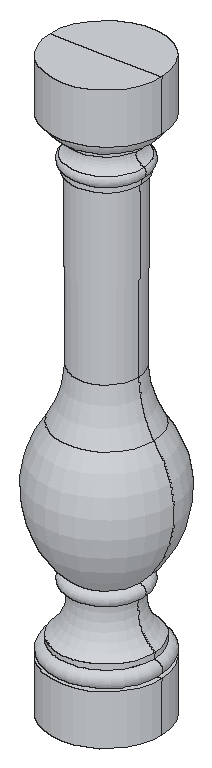
Revit family
Parameters (values of type "Balustrade G29")
  Width = 0' - 5 1/2"
  URL = "www.strombergarchitectural.com"
  Top Material = none
  Submittal Sheet = "www.strombergarchitectural.com/images/materials/gfrc/submittal/gfrc-submittal-sheet.pdf"
  Specifications = "www.strombergarchitectural.com/gfrcspecifications"
  Model Cut-sheet = "http://www.strombergarchitectural.com/products/balustrade/design/G29"
  Model = "Balustrade G29"
  Manufacturer = "Stromberg Architectural Products"
  Guidebook = "www.strombergarchitectural.com/images/materials/gfrc/handbooks/gfrc_guidebook.pdf   \r\n(http://www.strombergarchitectural.com/images/materials/gfrc/handbooks/gfrc_guidebook.pdf"
  Description = "GFRC Baluster"
  Assembly Code = ""
  Height = 2' - 5"
  XXX.5 = no
  XXX.4 = no
  XXX.3 = no
  XXX.2 = no
  XXX.1 = yes
Reference planes (in)
  plane 1 "Center (Front/Back)": y = 3.74847
  plane 2: z = 0
  plane 3 "Center (Left/Right)": x = 0.7278
  plane 4 "Front": y = -3.25153
  plane 5 "Back": y = 10.74847
  plane 6 "Left": x = -17.2722
  plane 7 "Right": x = 18.7278
Forms (in)
  Revolve 1, solid
    sketch origin (0, 3.74847, 0) x (1, 0, 0) y (0, 0, 1)
      loop
        line (0.7278, 29) -> (-2.0222, 29) -> (-2.0222, 26.5) -> (-1.7722, 26.5)
        arc (-1.7722, 26.5) -> (-1.55253, 25.96967) -> (-1.0222, 25.75) r 0.75
        line (-1.0222, 25.75) -> (-1.0222, 25.5) -> (-0.7722, 25.5)
        arc (-0.7722, 25.5) -> (-0.77958, 25.0275) -> (-1.10542, 24.68524) r 0.64904
        arc (-1.10542, 24.68524) -> (-1.20662, 24.41249) -> (-1.0222, 24.1875) r 0.29225
        line (-1.0222, 24.1875) -> (-1.0222, 23.9375) -> (-0.8972, 23.9375)
        arc (-0.8972, 23.9375) -> (-0.71273, 19.65612) -> (-0.8562, 15.37317) r 55.99685
        arc (-0.8562, 15.37317) -> (-1.08029, 14.06341) -> (-1.62107, 12.84964) r 5.33557
        arc (-1.62107, 12.84964) -> (-2.57168, 9.43573) -> (-0.8972, 6.3125) r 4.75494
        arc (-0.8972, 6.3125) -> (-1.2097, 6) -> (-0.8972, 5.6875) r 0.3125
        arc (-0.8972, 5.6875) -> (-0.94104, 4.48021) -> (-1.6472, 3.5) r 2.08446
        line (-1.6472, 3.5) -> (-1.6472, 3.25)
        arc (-1.6472, 3.25) -> (-2.0222, 2.875) -> (-1.6472, 2.5) r 0.375
        line (-1.6472, 2.5) -> (-2.0222, 2.5) -> (-2.0222, 0) -> (0.7278, 0) -> (0.7278, 29)
      axis (0.7278, 29) -> (0.7278, 0)
    angle from 0 to 360
Dimensions and locks (in)
  aligned and locked: level to plane 2
